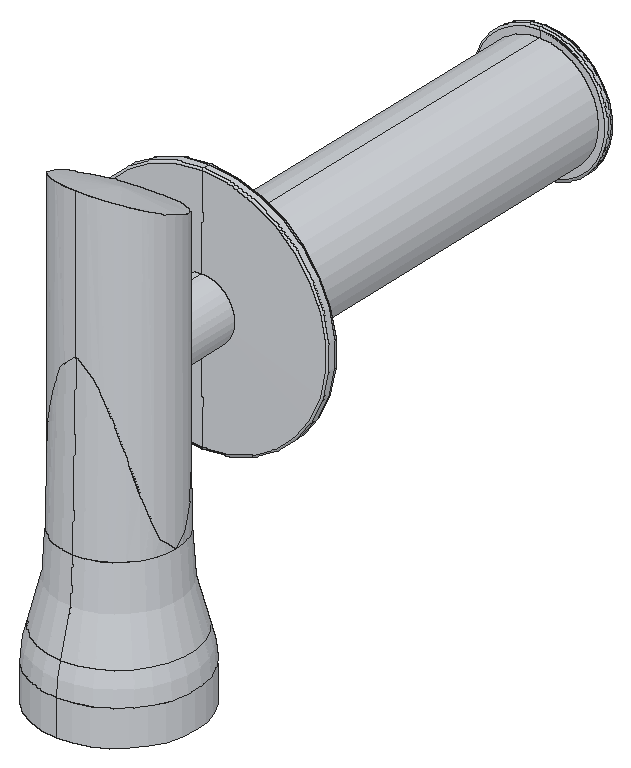
Revit family "Accessory-Tissue_Holder-KOHLER-Toobi-K-5673", category Specialty Equipment, host Face, Revit 2015
Parameters (values of type "CP-Polished Chrome")
  Width = 1 11/16"  # constant formula
  URL = "https://www.us.kohler.com/us/"
  Type = 1
  Product Page URL = "http://www.us.kohler.com/us/catalog/productDetails.jsp?productNumber=5673"
  Product Name = "Toobi"  # constant formula
  Product Documentation Link = "http://www.us.kohler.com/onlinecatalog/pdf/K-5673_spec.pdf"
  Model = if(Type = 1, "K-5673-CP", if(Type = 2, "K-5673-BN", "NA"))  # "K-5673-CP"
  Material = "Premium Metal Construction"  # constant formula
  MasterFormat 2004 = "10.28.13"  # constant formula
  MasterFormat 1995 = "10820"  # constant formula
  Manufacturer Address = "444 Highland Dr, Kohler, WI 53044"  # constant formula
  Manufacturer = "KOHLER Co."  # constant formula
  Length = 5 1/4"  # constant formula
  Height = 6 3/4"  # constant formula
  Finish = Kohler-Metal-CP-Polished_Chrome
  Environmental Product Declaration = ""
  Description = "Vertical toilet tissue holder"  # constant formula
  Default Elevation = 42"
  Declare Label = ""
  Date Modified = "09/24/2018"  # constant formula
  Date Created = "09/24/2018"  # constant formula
  Copyright = "Copyright KOHLER Co."  # constant formula
  Contact Us = "https://www.us.kohler.com/us/static/contact.jsp"
  Assembly Code = "C1030200"
  ADA Compliant = 1 = 0  # no
Types (3): name | Type | Model | Finish
  (no name) | 1 | "K-5673-CP" | Kohler-Metal-CP-Polished_Chrome
  CP-Polished Chrome | 1 | "K-5673-CP" | Kohler-Metal-CP-Polished_Chrome
  BN-Vibrant Brushed Nickel | 2 | "K-5673-BN" | Kohler-Metal-BN-Vibrant_Brushed_Nickel
Reference planes (in)
  plane 1 "Center (Front/Back)": y = 0
  plane 2: z = 0
  plane 3 "Center (Left/Right)": x = 0
  plane 4: z = 5.25
  plane 5: y = 1.27939
  plane 6: y = -0.84375
  plane 7: y = 5.90625
  plane 8: x = -0.84375
  plane 9: x = 0.84375
Dimensions and locks (in)
  "Length": plane 4 to plane 2
  "Height": plane 7 to plane 6
  "Width": plane 8 to plane 9
  aligned and locked: plane 2 to host face
  aligned and locked: level to host face
Automatic sketch dimensions
  host sketch curve to host sketch curve = 96"  (x2)
Nested families (in)
  nested 1: "k-5673" at (0, 0, 0), type "k-5673"
Definition of nested family "k-5673"
  Parameters (values of type "k-5673")
    Material = none
  Reference planes (in)
    plane 1 "Center (Front/Back)": y = 0
    plane 2: z = 0
    plane 3 "Center (Left/Right)": x = 0
    plane 4: z = 5.25
    plane 5: y = 5.90439
    plane 6: y = -0.84375
    plane 7: y = 1.27939
    plane 8: x = 0.84375
    plane 9: x = -0.84375
    plane 10: y = 0.84375
  Forms (in)
    Revolve 1, solid, material <- "Material", detail levels medium+fine
      sketch origin (0, 0, 0) x (0, 1, 0) y (0, 0, 1)
        loop
          line (-0.84646, 0) -> (0, 0) -> (0, 5.31246) -> (-0.56299, 5.31246) -> (-0.62991, 1.70342)
          arc (-0.62991, 1.70342) -> (-0.66238, 1.21068) -> (-0.78671, 0.73278) r 2.62061
          arc (-0.78671, 0.73278) -> (-0.8314, 0.56586) -> (-0.84646, 0.39372) r 0.99188
          line (-0.84646, 0.39372) -> (-0.84646, 0)
        axis (0, 0) -> (0, 5.31246)
      angle from 0 to 360
    Revolve 2, solid, material <- "Material", detail levels medium+fine
      sketch origin (0, 0, 0) x (0, 1, 0) y (0, 0, 1)
        loop
          line (0.41776, 3.33071) -> (5.90439, 3.33071)
          arc (5.90439, 3.33071) -> (5.88988, 3.69157) -> (5.84646, 4.0501) r 4.49579
          arc (5.84646, 4.0501) -> (5.83888, 4.06354) -> (5.8244, 4.06887) r 0.02234
          line (5.8244, 4.06887) -> (5.78242, 4.06887)
          arc (5.78242, 4.06887) -> (5.76841, 4.06307) -> (5.7626, 4.04905) r 0.01981
          line (5.7626, 4.04905) -> (5.7626, 3.97047) -> (1.27939, 3.97047)
          arc (1.27939, 3.97047) -> (1.27669, 4.32891) -> (1.26826, 4.68727) r 22.38795
          arc (1.26826, 4.68727) -> (1.26211, 4.70133) -> (1.24797, 4.70727) r 0.02066
          line (1.24797, 4.70727) -> (1.16935, 4.70864)
          arc (1.16935, 4.70864) -> (1.15529, 4.70319) -> (1.14906, 4.68945) r 0.01996
          line (1.14906, 4.68945) -> (1.13766, 3.68504) -> (0.41776, 3.68504) -> (0.41776, 3.33071)
        axis (0.41776, 3.33071) -> (5.90439, 3.33071)
      angle from 0 to 360
    Sweep 3, solid, material <- "Material", detail levels medium+fine
      path origin (0, 0, 0) x (0, 1, 0) y (0, 0, 1)
        loop
          line (0, 1.70342) -> (0, 5.28765)
      profile origin (0, 0, 3.49554) x (0, -1, 0) y (1, 0, 0)
        loop
          spline (0.59424, 0) -> (0.57399, 0.16303) -> (0.51463, 0.31496) -> (0.42019, 0.44541) -> (0.29712, 0.54552) -> (0.1538, 0.60845) -> (0, 0.62991) -> (-0.1538, 0.60845) -> (-0.29712, 0.54552) -> (-0.42019, 0.44541) -> (-0.51463, 0.31496) -> (-0.57399, 0.16303) -> (-0.59424, 0)
          spline (-0.59424, 0) -> (-0.57399, -0.16303) -> (-0.51463, -0.31496) -> (-0.42019, -0.44541) -> (-0.29712, -0.54552) -> (-0.1538, -0.60845) -> (0, -0.62991) -> (0.1538, -0.60845) -> (0.29712, -0.54552) -> (0.42019, -0.44541) -> (0.51463, -0.31496) -> (0.57399, -0.16303) -> (0.59424, 0)
    Sweep 4, void
      path origin (0, 0, 0) x (1, 0, 0) y (0, 0, 1)
        loop
          arc (-0.87458, 4.86418) -> (0, 4.97656) -> (0.87458, 4.86418) r 3.45922
      profile origin (0, 0, 4.97656) x (0, 0, 1) y (0, -1, 0)
        loop
          line (-0.34238, -0.68879) -> (0.44116, -0.68879) -> (0.44116, 0.65479) -> (0.29608, 0.65479)
          arc (0.29608, 0.65479) -> (0.03755, -0.04585) -> (-0.34238, -0.68879) r 4.14921
    Revolve 5, solid, material <- "Material", detail levels coarse
      sketch origin (0, 0, 0) x (0, 1, 0) y (0, 0, 1)
        loop
          line (0, 0) -> (0, 5.24993) -> (-0.59683, 5.24993) -> (-0.59683, 1.75704) -> (-0.84646, 0) -> (0, 0)
        axis (0, 0) -> (0, 5.24993)
      angle from 0 to 360
    Revolve 6, solid, material <- "Material", detail levels coarse
      sketch origin (0, 0, 0) x (0, 1, 0) y (0, 0, 1)
        loop
          line (5.90439, 3.33071) -> (5.90439, 4.08071) -> (1.27917, 4.08071) -> (1.27917, 4.70727) -> (1.13766, 4.70727) -> (1.13766, 3.68504) -> (0.5126, 3.68504) -> (0.5126, 3.33071) -> (5.90439, 3.33071)
        axis (0.5126, 3.33071) -> (5.90439, 3.33071)
      angle from 0 to 360
  Cuts and joins
    Sweep 4 cuts Revolve 1
    Sweep 4 cuts Sweep 3
    joined: Revolve 1, Revolve 2, Sweep 3
    joined: Revolve 5, Revolve 6
  Lines and regions (in)
    Masking region 1
      outline origin (0, 0, 0) x (1, 0, 0) y (0, 0, 1)
        loop
          arc (-0.62991, 1.79025) -> (-0.65801, 1.23958) -> (-0.79224, 0.70479) r 2.83279
          arc (-0.79224, 0.70479) -> (-0.83078, 0.5585) -> (-0.84375, 0.40778) r 0.88215
          line (-0.84375, 0.40778) -> (-0.84375, 0) -> (0, 0) -> (0.84375, 0) -> (0.84375, 0.40778)
          arc (0.84375, 0.40778) -> (0.83078, 0.5585) -> (0.79224, 0.70479) r 0.88215
          arc (0.79224, 0.70479) -> (0.65801, 1.23958) -> (0.62991, 1.79025) r 2.83279
          line (0.62991, 1.79025) -> (0.62991, 2.10502)
          arc (0.62991, 2.10502) -> (1.37808, 3.33071) -> (0.62991, 4.55639) r 1.37808
          line (0.62991, 4.55639) -> (0.62991, 4.99917)
          spline (0.62991, 4.99917) -> (0.61762, 5.03208) -> (0.59614, 5.06412) -> (0.56579, 5.09483) -> (0.527, 5.12378) -> (0.48031, 5.15054) -> (0.4264, 5.17475) -> (0.36603, 5.19605) -> (0.30007, 5.21414) -> (0.22945, 5.22876) -> (0.15519, 5.2397) -> (0.07834, 5.24681) -> (0, 5.24999)
          spline (0, 5.24999) -> (-0.07835, 5.24688) -> (-0.1552, 5.23984) -> (-0.22946, 5.22896) -> (-0.30008, 5.2144) -> (-0.36604, 5.19637) -> (-0.42641, 5.17512) -> (-0.48032, 5.15096) -> (-0.527, 5.12423) -> (-0.5658, 5.09532) -> (-0.59615, 5.06464) -> (-0.61762, 5.03262) -> (-0.62991, 4.99971)
          line (-0.62991, 4.99971) -> (-0.62991, 4.55639)
          arc (-0.62991, 4.55639) -> (-1.37808, 3.33071) -> (-0.62991, 2.10502) r 1.37808
          line (-0.62991, 2.10502) -> (-0.62991, 1.79025)
    Masking region 2
      outline origin (0, 0, 0) x (0, 1, 0) y (0, 0, 1)
        loop
          line (-0.84375, 0) -> (0, 0) -> (0.84375, 0) -> (0.84375, 0.39372)
          arc (0.84375, 0.39372) -> (0.8287, 0.56586) -> (0.784, 0.73278) r 0.99188
          arc (0.784, 0.73278) -> (0.65555, 1.23709) -> (0.62928, 1.75683) r 2.62061
          line (0.62928, 1.75683) -> (0.61476, 2.97638) -> (1.13766, 2.97638) -> (1.14906, 1.97197)
          arc (1.14906, 1.97197) -> (1.15529, 1.95823) -> (1.16935, 1.95277) r 0.01996
          line (1.16935, 1.95277) -> (1.24797, 1.95414)
          arc (1.24797, 1.95414) -> (1.26211, 1.96009) -> (1.26826, 1.97415) r 0.02066
          arc (1.26826, 1.97415) -> (1.27669, 2.3325) -> (1.27939, 2.69094) r 22.38795
          line (1.27939, 2.69094) -> (5.7626, 2.69094) -> (5.7626, 2.61236)
          arc (5.7626, 2.61236) -> (5.76841, 2.59835) -> (5.78242, 2.59255) r 0.01981
          line (5.78242, 2.59255) -> (5.8244, 2.59255)
          arc (5.8244, 2.59255) -> (5.83888, 2.59787) -> (5.84646, 2.61131) r 0.02234
          arc (5.84646, 2.61131) -> (5.88988, 2.96985) -> (5.90439, 3.33071) r 4.49579
          arc (5.90439, 3.33071) -> (5.88988, 3.69157) -> (5.84646, 4.0501) r 4.49579
          arc (5.84646, 4.0501) -> (5.83888, 4.06354) -> (5.8244, 4.06887) r 0.02234
          line (5.8244, 4.06887) -> (5.78242, 4.06887)
          arc (5.78242, 4.06887) -> (5.76841, 4.06307) -> (5.7626, 4.04905) r 0.01981
          line (5.7626, 4.04905) -> (5.7626, 3.97047) -> (1.27939, 3.97047)
          arc (1.27939, 3.97047) -> (1.27669, 4.32891) -> (1.26826, 4.68727) r 22.38795
          arc (1.26826, 4.68727) -> (1.26211, 4.70133) -> (1.24797, 4.70727) r 0.02066
          line (1.24797, 4.70727) -> (1.16935, 4.70864)
          arc (1.16935, 4.70864) -> (1.15529, 4.70319) -> (1.14906, 4.68945) r 0.01996
          line (1.14906, 4.68945) -> (1.13766, 3.68504) -> (0.60632, 3.68504) -> (0.59423, 4.70025)
          arc (0.59423, 4.70025) -> (0.02345, 5.02584) -> (-0.59424, 5.25) r 3.86413
          line (-0.59424, 5.25) -> (-0.62936, 1.75849)
          arc (-0.62936, 1.75849) -> (-0.65542, 1.23791) -> (-0.784, 0.73278) r 2.62061
          arc (-0.784, 0.73278) -> (-0.8287, 0.56586) -> (-0.84375, 0.39372) r 0.99188
          line (-0.84375, 0.39372) -> (-0.84375, 0)
    Masking region 3
      outline origin (0, 0, 0) x (1, 0, 0) y (0, 1, 0)
        loop
          line (0.63976, 1.27939) -> (0.63976, 5.7626) -> (0.71835, 5.7626)
          arc (0.71835, 5.7626) -> (0.73236, 5.76841) -> (0.73816, 5.78242) r 0.01981
          line (0.73816, 5.78242) -> (0.73816, 5.8244)
          arc (0.73816, 5.8244) -> (0.73283, 5.83888) -> (0.71939, 5.84646) r 0.02234
          arc (0.71939, 5.84646) -> (0.36086, 5.88988) -> (0, 5.90439) r 4.49579
          arc (0, 5.90439) -> (-0.36086, 5.88988) -> (-0.71939, 5.84646) r 4.49579
          arc (-0.71939, 5.84646) -> (-0.73283, 5.83888) -> (-0.73816, 5.8244) r 0.02234
          line (-0.73816, 5.8244) -> (-0.73816, 5.78242)
          arc (-0.73816, 5.78242) -> (-0.73236, 5.76841) -> (-0.71835, 5.7626) r 0.01981
          line (-0.71835, 5.7626) -> (-0.63976, 5.7626) -> (-0.63976, 1.27939)
          arc (-0.63976, 1.27939) -> (-0.99821, 1.27669) -> (-1.35656, 1.26826) r 22.38795
          arc (-1.35656, 1.26826) -> (-1.37062, 1.26211) -> (-1.37656, 1.24797) r 0.02066
          line (-1.37656, 1.24797) -> (-1.37794, 1.16935)
          arc (-1.37794, 1.16935) -> (-1.37248, 1.15529) -> (-1.35874, 1.14906) r 0.01996
          line (-1.35874, 1.14906) -> (-0.35433, 1.13766) -> (-0.35433, 0.76873)
          arc (-0.35433, 0.76873) -> (0, -0.84646) -> (0.35433, 0.76873) r 0.84646
          line (0.35433, 0.76873) -> (0.35433, 1.13766) -> (1.35874, 1.14906)
          arc (1.35874, 1.14906) -> (1.37248, 1.15529) -> (1.37794, 1.16935) r 0.01996
          line (1.37794, 1.16935) -> (1.37656, 1.24797)
          arc (1.37656, 1.24797) -> (1.37062, 1.26211) -> (1.35656, 1.26826) r 0.02066
          arc (1.35656, 1.26826) -> (0.99821, 1.27669) -> (0.63976, 1.27939) r 22.38795
    symbolic lines, detail levels medium+fine
      curve 1: circle (0, 0, 3.33071) r 0.73672 normal (0, -1, 0)
      curve 2: spline (0.62991, 0, 4.95212) -> (0.61762, 0, 4.91917) -> (0.59614, 0, 4.88706) -> (0.56579, 0, 4.85624) -> (0.527, 0, 4.82716) -> (0.48031, 0, 4.80023) -> (0.4264, 0, 4.77583) -> (0.36603, 0, 4.75432) -> (0.30007, 0, 4.736) -> (0.22946, 0, 4.72113) -> (0.15519, 0, 4.70993) -> (0.07834, 0, 4.70255) -> (0, 0, 4.69909)
      curve 3: spline (0, 0, 4.69909) -> (-0.07834, 0, 4.70262) -> (-0.1552, 0, 4.71007) -> (-0.22946, 0, 4.72134) -> (-0.30008, 0, 4.73627) -> (-0.36604, 0, 4.75465) -> (-0.42641, 0, 4.77621) -> (-0.48032, 0, 4.80065) -> (-0.527, 0, 4.82763) -> (-0.5658, 0, 4.85674) -> (-0.59615, 0, 4.88759) -> (-0.61762, 0, 4.91972) -> (-0.62991, 0, 4.95269)
      curve 4: arc (0.62991, 0, 4.55639) -> (0, 0, 4.70878) -> (-0.62991, 0, 4.55639) r 1.37808
      curve 5: arc (-0.62991, 0, 2.10502) -> (0, 0, 1.95263) -> (0.62991, 0, 2.10502) r 1.37808
      curve 6: line (0, 5.7626, 3.97047) -> (0, 5.7626, 2.69094)
      curve 7: line (0, 1.27939, 3.97047) -> (0, 1.27939, 2.69094)
      curve 8: line (0, 1.13766, 3.68504) -> (0, 1.13766, 2.97638)
      curve 9: line (0, 0.59424, 3.68504) -> (0, 0.51821, 3.15604)
      curve 10: spline (0, 0.51821, 3.15604) -> (0, 0.53048, 3.13066) -> (0, 0.54212, 3.10663) -> (0, 0.55304, 3.08414) -> (0, 0.56314, 3.06337) -> (0, 0.57235, 3.04449) -> (0, 0.58059, 3.02765) -> (0, 0.58779, 3.01298) -> (0, 0.59391, 3.00061) -> (0, 0.59889, 2.99062) -> (0, 0.60268, 2.98311) -> (0, 0.60527, 2.97813) -> (0, 0.60662, 2.97572)
      curve 11: line (0, 0.62991, 1.70342) -> (0, -0.62991, 1.70342)
      curve 12: line (0, 0.84646, 0.39372) -> (0, -0.84646, 0.39372)
      curve 13: line (-0.62991, 0, 1.70342) -> (0.62991, 0, 1.70342)
      curve 14: line (-0.84646, 0, 0.40778) -> (0.84646, 0, 0.40778)
      curve 15: line (-0.63976, 5.7626, 0) -> (0.63976, 5.7626, 0)
      curve 16: line (-0.63976, 1.27939, 0) -> (0.63976, 1.27939, 0)
      curve 17: line (-0.35433, 1.13766, 0) -> (0.35433, 1.13766, 0)
      curve 18: line (1.35874, 1.14906, 0) -> (-1.35874, 1.14906, 0)
      curve 19: line (-0.35433, 0.76873, 0) -> (-0.35433, 0.49131, 0)
      curve 20: line (0.35433, 0.76873, 0) -> (0.35433, 0.49131, 0)
      curve 21: spline (0, -0.59424, 0) -> (-0.16303, -0.57399, 0) -> (-0.31496, -0.51463, 0) -> (-0.44541, -0.42019, 0) -> (-0.54552, -0.29712, 0) -> (-0.60845, -0.1538, 0) -> (-0.62991, 0, 0) -> (-0.60845, 0.1538, 0) -> (-0.54552, 0.29712, 0) -> (-0.44541, 0.42019, 0) -> (-0.31496, 0.51463, 0) -> (-0.16303, 0.57399, 0) -> (0, 0.59424, 0) -> (0.16303, 0.57399, 0) -> (0.31496, 0.51463, 0) -> (0.44541, 0.42019, 0) -> (0.54552, 0.29712, 0) -> (0.60845, 0.1538, 0) -> (0.62991, 0, 0) -> (0.60845, -0.1538, 0) -> (0.54552, -0.29712, 0) -> (0.44541, -0.42019, 0) -> (0.31496, -0.51463, 0) -> (0.16303, -0.57399, 0) -> (0, -0.59424, 0)
      curve 22: arc (-0.35433, 0.52081, 0) -> (-0.55677, 0.29461, 0) -> (-0.62991, 0, 0) r 0.62991
      curve 23: arc (0.62991, 0, 0) -> (0.55677, 0.29461, 0) -> (0.35433, 0.52081, 0) r 0.62991
      curve 24: arc (-0.62991, 0, 0) -> (-0.44541, -0.44541, 0) -> (0, -0.62991, 0) r 0.62991
      curve 25: arc (0, -0.62991, 0) -> (0.44541, -0.44541, 0) -> (0.62991, 0, 0) r 0.62991
      curve 26: arc (0, -0.59424, 5.25) -> (0, -0.00219, 4.9704) -> (0, 0.59423, 4.70025) r 41.19131
  Dimensions and locks (in)
    plane 4 to plane 2 = 5 1/4"
    plane 5 to plane 7 = 4 5/8"
    plane 8 to plane 9 = 1 11/16"
    plane 1 "Center (Front/Back)" to plane 6 = 27/32"
    aligned and locked: plane 2 to level
